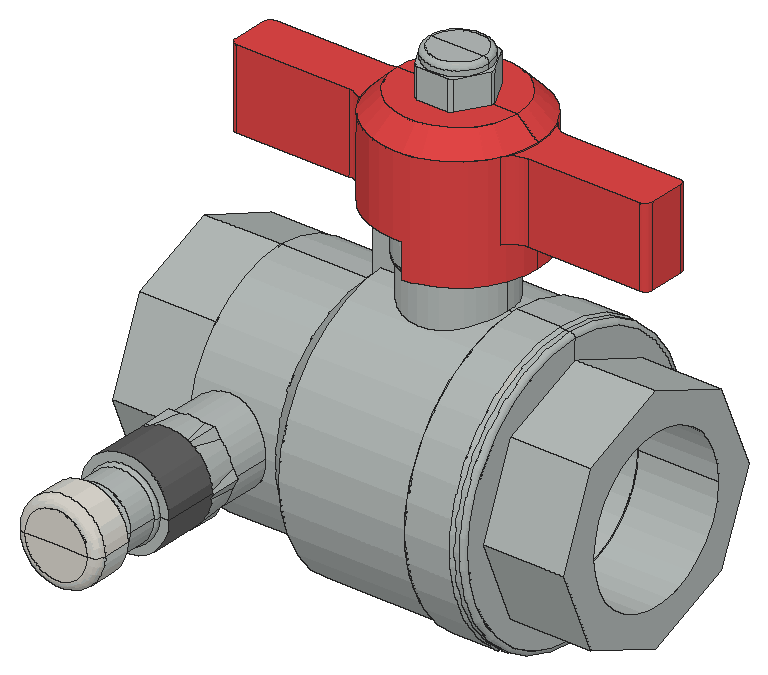
Revit family "QA05000000", category Apparecchi idraulici, Revit 2020
Family settings
  Quota connettore circolare = Usa diametro
  Tipo di parte = Normale
  Numero OmniClass = 23.45.00.00
  Titolo OmniClass = Sanitary, Laundry, and Cleaning Equipment
  Basato su piano di lavoro = No
  Sempre verticale = Sì
  Taglio con vuoti quando caricato = No
  Condiviso = No
  Punto di calcolo locali = No
Parameters
  URL = "https://web.cimberio.it/index.php/figura/301?subcategoria_id=42343"
  Temperatura di esercizio = "-20 ÷ 120°C"
  Prospetto di default = 0 mm
  Produttore = "CIMBERIO SPA"
  Pressione nominale = "PN 16"
  Modello = "Cim 300"
  Materiale = "Prodotto in lega di ottone conforme alla norma EN 12165-CW617N-DW"
  Descrizione = "Utilizzato nei più svariati settori dell'impiantistica: impianti di riscaldamento, condizionamento, idrici, igienico-sanitari, aria compressa e in generale con ogni fluido non corrosivo"
  DN Model [instance] = QA05001032 : QA05001032
  DN [instance] = 32 mm
  Commenti sul tipo = "Realizzato in ottemperanza ai requisiti gestionali della norma EN ISO 9001. Collaudato al 100% secondo la normativa EN 12266-1"
Reference planes
  plane 1 "Centro (Fronte/Retro)": y = 0
  plane 2: z = 0
  plane 3 "Centro (Sinistra/Destra)": x = 0
Dimensions and locks
  aligned and locked: level to plane 2
Nested families
  nested 1: "QA05001032" at (0, 0, 0), type <- "DN Model", type "QA05001032"
  nested 2: "QA05001032" at (0, 0, 0), type <- "DN Model", type "QA05001032"
  nested 3: "QA05001032" at (0, 0, 0), type <- "DN Model", type "QA05001032"
  nested 4: "QA05001032" at (0, 0, 0), type <- "DN Model", type "QA05001032"
  nested 5: "QA05001032" at (0, 0, 0), type <- "DN Model", type "QA05001032"
  nested 6: "QA05001032" at (0, 0, 0), type <- "DN Model", type "QA05001032"
Connectors
  piping at (-51.5, 0, 0), diameter 32, driven by "DN"
    settings: on nested 1, index 1, connector inside diameter 609.6 mm, connector length 0 mm, flow factor 0, pipe flow 0.0 L/s, pressure drop 0.0 Pa, fitting loss kfactor 0, connector angle 0.00°, fixture units 0, engagement length 0 mm, angle of deflection 0.00°, flow configuration 0, flow direction 0, fitting loss method 0, system type 7, joint type 0, gender type 0, connector reference index -1, connector utility 0, adjustable connector no, is connector primary yes, connector description ""
  piping at (40.35, 0, 0), diameter 32, driven by "DN"
    settings: on nested 1, index 2, connector inside diameter 609.6 mm, connector length 0 mm, flow factor 0, pipe flow 0.0 L/s, pressure drop 0.0 Pa, fitting loss kfactor 0, connector angle 0.00°, fixture units 0, engagement length 0 mm, angle of deflection 0.00°, flow configuration 0, flow direction 0, fitting loss method 0, system type 7, joint type 0, gender type 0, connector reference index -1, connector utility 0, adjustable connector no, is connector primary no, connector description ""
Definition of nested family "QA05001032"
  Parameters (values of type "QA05001032")
    Default Elevation = 0 mm
  Reference planes
    plane 1 "Centro (Fronte/Retro)": y = 0
    plane 2: z = 0
    plane 3 "Centro (Sinistra/Destra)": x = 0
  Forms (mm)
    Extrusion 1, solid
      sketch origin (-12, -11, 0) x (1, 0, 0) y (0, 0, 1)
        loop
          line (-7.65, 0) -> (-12.325, 8.097) -> (-21.675, 8.097) -> (-26.35, 0) -> (-21.675, -8.097) -> (-12.325, -8.097) -> (-7.65, 0)
      from 20.5 to 26.5
    Revolve 2, solid
      sketch origin (-12, -11, 0) x (1, 0, 0) y (0, 1, 0)
        loop
          line (-8.5, -20.5) -> (-8.5, -7.5) -> (-17, -7.5) -> (-17, -47.3) -> (-12.353, -47.3) -> (-12.353, -45) -> (-10.936, -45) -> (-10.2, -44.5) -> (-10.2, -38.7)
          arc (-10.2, -38.7) -> (-9.788, -38.157) -> (-9.967, -37.5) r 0.771
          line (-9.967, -37.5) -> (-8, -37.5) -> (-8, -26.5) -> (-8.5, -20.5)
        axis (-17, -7.5) -> (-17, -47.3)
      angle from 0 to 360
    Revolve 3, solid
      sketch origin (-12, -11, 0) x (1, 0, 0) y (0, 1, 0)
        loop
          line (-17, -47.3) -> (-17, -55) -> (-10.6, -55)
          arc (-10.6, -55) -> (-9.186, -54.414) -> (-8.6, -53) r 2
          line (-8.6, -53) -> (-8.6, -47.3) -> (-17, -47.3)
        axis (-17, -47.3) -> (-17, -55)
      angle from 0 to 360
    Revolve 4, solid
      sketch origin (-12, 10, 0) x (1, 0, 0) y (0, 1, 0)
        loop
          line (-25.5, 20.5) -> (-25.5, 8.572) -> (-17, 8.572) -> (-17, 20.5) -> (-25.5, 20.5)
        axis (-17, 20.5) -> (-17, 8.572)
      angle from 0 to 360
    Revolve 5, solid
      sketch origin (-12, 10, 0) x (1, 0, 0) y (0, 1, 0)
        loop
          line (-17, 23) -> (-17.857, 23) -> (-17.997, 25) -> (-25, 25) -> (-25.496, 24.388) -> (-25.496, 21) -> (-24.936, 20.44) -> (-17, 20.44) -> (-17, 23)
        axis (-17, 25) -> (-17, 20.44)
      angle from 0 to 360
    Revolve 6, solid
      sketch origin (0, 0, 0) x (1, 0, 0) y (0, 0, 1)
        loop
          line (-36, 16) -> (23.85, 16) -> (23.85, 27.25)
          arc (23.85, 27.25) -> (23.557, 27.957) -> (22.85, 28.25) r 1
          line (22.85, 28.25) -> (21.811, 28.25) -> (20.994, 28.5) -> (12, 28.5)
          arc (12, 28.5) -> (11.654, 28.165) -> (11.5, 27.709) r 1.022
          line (11.5, 27.709) -> (-14.25, 27.709) -> (-18.5, 23.5) -> (-36, 23.5) -> (-36, 16)
        axis (-36, 0) -> (23.85, 0)
      angle from 0 to 360
    Extrusion 7, solid
      sketch origin (0, 0, 0) x (0, 1, 0) y (0, 0, 1)
        loop
          circle (0, 0) r 16
        loop
          line (0, 23.5) -> (-16.617, 16.617) -> (-23.5, 0) -> (-16.617, -16.617) -> (0, -23.5) -> (16.617, -16.617) -> (23.5, 0) -> (16.617, 16.617) -> (0, 23.5)
      from -51.5 to -36
    Extrusion 8, solid
      sketch origin (0, 0, 0) x (0, 1, 0) y (0, 0, -1)
        loop
          circle (0, 0) r 16
        loop
          line (0, -23.5) -> (16.617, -16.617) -> (23.5, 0) -> (16.617, 16.617) -> (0, 23.5) -> (-16.617, 16.617) -> (-23.5, 0) -> (-16.617, -16.617) -> (0, -23.5)
      from -40.35 to -23.85
    Revolve 9, solid
      sketch origin (0, 0, 0) x (1, 0, 0) y (0, 0, 1)
        loop
          line (0, 44.3) -> (-9, 44.3) -> (-9, 43.3) -> (-11, 43.3) -> (-10.897, 35)
          arc (-10.897, 35) -> (-10.675, 34.464) -> (-10.14, 34.242) r 0.758
          line (-10.14, 34.242) -> (-10.14, 21.703) -> (0, 21.703) -> (0, 44.3)
        axis (0, 44.3) -> (0, 21.703)
      angle from 0 to 360
    Extrusion 10, solid
      sketch origin (0, 0, 0) x (1, 0, 0) y (0, 0, 1)
        loop
          line (-16, 42.3) -> (-16, 23.896) -> (-7.603, 23.896) -> (-7.603, 42.3) -> (-16, 42.3)
      from -1.571 to 1.585
    Revolve 11, solid
      sketch origin (0, 0, 0) x (1, 0, 0) y (0, 0, 1)
        loop
          line (0, 64.3) -> (-12.25, 64.3) -> (-16.25, 60.3) -> (-16.25, 37.3) -> (-2.423, 37.3) -> (-2.423, 47.241) -> (0, 47.241) -> (0, 64.3)
        axis (0, 64.3) -> (0, 37.3)
      angle from 0 to 360
    Extrusion 12, void
      sketch origin (0, 0, 0) x (1, 0, 0) y (0, 1, 0)
        loop
          line (-9.876, 1.571) -> (-17.178, 1.571)
          arc (-17.178, 1.571) -> (-12.187, -12.208) -> (1.6, -17.176) r 17.25
          line (1.6, -17.176) -> (1.6, -9.871)
          arc (1.6, -9.871) -> (-7.061, -7.081) -> (-9.876, 1.571) r 10
      from 37.3 to 44.3
    Extrusion 13, solid
      sketch origin (0, 0, 0) x (1, 0, 0) y (0, 1, 0)
        loop
          arc (-3.211, 6.5) -> (-3.625, 6.279) -> (-4.024, 6.031) r 7.25
          line (-4.024, 6.031) -> (-7.235, 0.469)
          arc (-7.235, 0.469) -> (-7.25, 0) -> (-7.235, -0.469) r 7.25
          line (-7.235, -0.469) -> (-4.024, -6.031)
          arc (-4.024, -6.031) -> (-3.625, -6.279) -> (-3.211, -6.5) r 7.25
          line (-3.211, -6.5) -> (3.211, -6.5)
          arc (3.211, -6.5) -> (3.625, -6.279) -> (4.024, -6.031) r 7.25
          line (4.024, -6.031) -> (7.235, -0.469)
          arc (7.235, -0.469) -> (7.25, 0) -> (7.235, 0.469) r 7.25
          line (7.235, 0.469) -> (4.024, 6.031)
          arc (4.024, 6.031) -> (3.625, 6.279) -> (3.211, 6.5) r 7.25
          line (3.211, 6.5) -> (-3.211, 6.5)
      from 64.3 to 70.3
    Revolve 14, solid
      sketch origin (0, 0, 0) x (1, 0, 0) y (0, 0, 1)
        loop
          line (5.25, 72.3) -> (0, 72.3) -> (0, 70.3) -> (6.25, 70.3) -> (6.25, 71.3)
          arc (6.25, 71.3) -> (5.957, 72.007) -> (5.25, 72.3) r 1
        axis (0, 72.3) -> (0, 70.3)
      angle from 0 to 360
    Extrusion 15, solid
      sketch origin (0, 0, 0) x (1, 0, 0) y (0, 1, 0)
        loop
          arc (-41, 5) -> (-42.061, 4.561) -> (-42.5, 3.5) r 1.5
          line (-42.5, 3.5) -> (-42.5, -3.5)
          arc (-42.5, -3.5) -> (-42.061, -4.561) -> (-41, -5) r 1.5
          line (-41, -5) -> (-18.14, -5)
          arc (-18.14, -5) -> (-16.032, -5.601) -> (-14.557, -7.222) r 4
          arc (-14.557, -7.222) -> (-15.821, -3.709) -> (-16.25, 0) r 16.25
          arc (-16.25, 0) -> (-15.821, 3.709) -> (-14.557, 7.222) r 16.25
          arc (-14.557, 7.222) -> (-16.032, 5.601) -> (-18.14, 5) r 4
          line (-18.14, 5) -> (-41, 5)
        loop
          line (41, 5) -> (18.14, 5)
          arc (18.14, 5) -> (16.032, 5.601) -> (14.557, 7.222) r 4
          arc (14.557, 7.222) -> (15.821, 3.709) -> (16.25, 0) r 16.25
          arc (16.25, 0) -> (15.821, -3.709) -> (14.557, -7.222) r 16.25
          arc (14.557, -7.222) -> (16.032, -5.601) -> (18.14, -5) r 4
          line (18.14, -5) -> (41, -5)
          arc (41, -5) -> (42.061, -4.561) -> (42.5, -3.5) r 1.5
          line (42.5, -3.5) -> (42.5, 3.5)
          arc (42.5, 3.5) -> (42.061, 4.561) -> (41, 5) r 1.5
      from 44.3 to 60.3
  Cuts and joins
    Extrusion 12 cuts Revolve 6
    Extrusion 12 cuts Revolve 11
  Dimensions and locks
    aligned and locked: level to plane 2
